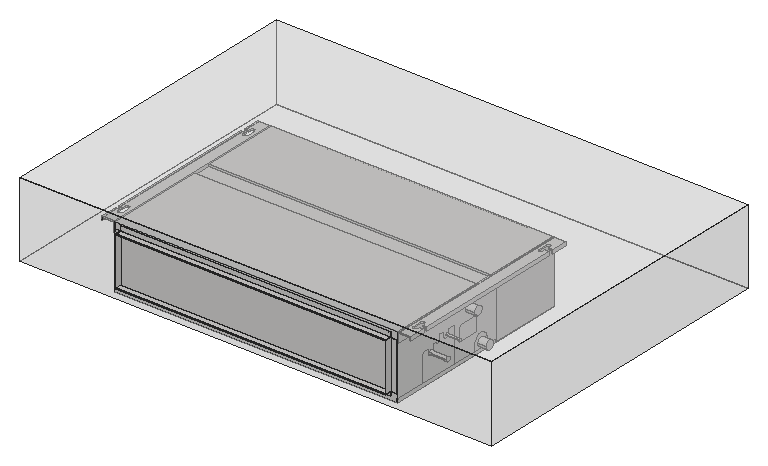
Revit family "outputfile", category 機械設備, Revit 2024
Family settings
  丸型コネクタ寸法 = 半径を使用
  パーツ タイプ = 標準
  OmniClass 番号 = 23.75.10.24.21.27.27
  OmniClass タイトル = Split System Air Conditioning Units
  作業面ベース = いいえ
  常に垂直 = はい
  ロード時にボイドで切り取り = いいえ
  注釈の向きを維持 = いいえ
  共有 = いいえ
  部屋計算ポイント = はい
Parameters (values of type "FXDQ50NDVM")
  書き出し IFC クラス(タイプ) = "IfcUnitaryEquipmentType"
  定義済み IFC タイプ(タイプ) = "AIRCONDITIONINGUNIT"
  ld_powersupply = Depth / 2  # 310.0 mm
  製造元 = "Daikin"
  モデル = "FXDQ50NDVM"
  r_Liquid Pipe Size = Liquid Pipe Size / 2  # 3.2 mm
  r_Gas Pipe Size = Gas Pipe Size / 2  # 6.35 mm
  r_Drain Pipe Size = Drain Pipe Size / 2  # 13.0 mm
  lw_powersupply = 50.0 mm  # constant formula
  lw_ductflange2 = 820.0 mm
  lw_Width = 860.0 mm
  lh_suctionflange [instance] = 100.0 mm  # constant formula
  ld_suctionflange [instance] = if(Rear Connection_Return Air, 190.0 mm, 100.0 mm)  # 190.0 mm
  angle_vertical_RA [instance] = if(Rear Connection_Return Air, 90.00°, 0.00°)  # 90.00°
  angle horizontal_RA [instance] = if(Rear Connection_Return Air, 180.00°, 270.00°)  # 180.00°
  Voltage_comment_60Hz = "220-240"
  Voltage_comment_50Hz = "220-240"
  Voltage_60Hz = 220 V
  Voltage_50Hz = 220 V
  Supply Air Direction [instance] = yes
  Rear Connection_Return Air [instance] = not(Bottom Connection_Return Air)  # yes
  RA_length [instance] = if(Rear Connection_Return Air, 190.0 mm, 100.0 mm)  # 190.0 mm
  Phase_60Hz = 1
  Phase_50Hz = 1
  Minimum External Static Pressure = 15.00 Pa
  Minimum Circuit Amps_60Hz = 1.0 A
  Minimum Circuit Amps_50Hz = 1.0 A
  Maximum Fuse Amps_60Hz = 16.0 A
  Maximum Fuse Amps_50Hz = 16.0 A
  Maximum External Static Pressure = 44.00 Pa
  Material_Casing = DAIKIN_GalvanizedSteel_Casing_indoorunit
  lw_liquidpipe = 46.0 mm  # constant formula
  lw_gaspipe = 57.0 mm  # constant formula
  lw_mountinghole = 940.0 mm
  lw_drainpipe = 33.0 mm  # constant formula
  lh_powersupply = 150.0 mm  # constant formula
  lh_liquidpipe = 90.0 mm  # constant formula
  lh_gaspipe = 113.0 mm  # constant formula
  lh_mountinghole = Height  # 200.0 mm
  lh_drainpipe = 50.0 mm  # constant formula
  lh_antena = 1.0 mm  # constant formula
  ld_liquidpipe = 193.0 mm  # constant formula
  ld_gaspipe = 130.0 mm  # constant formula
  ld_mountinghole = 500.0 mm  # constant formula
  ld_drainpipe = 280.0 mm  # constant formula
  ld_controlbox = 626.0 mm  # constant formula
  h*** = 0.0 mm  # constant formula
  d_dischargeflange = 21.2 mm  # constant formula
  Width = 900.0 mm
  Version = "ver.1.0"
  Unit Type = "Duct_Slim"
  Unit Mass Weight = 28.00 kg
  Unit Designation [instance] = ""
  Uniclass2015Version = "Products v1.30"
  Uniclass2015Title = "Variable refrigerant flow units"
  Uniclass2015Code = "Pr_70_65_03_94"
  Total Heating Capacity [instance] = 0.000 kW
  Total Cooling Capacity [instance] = 0.000 kW
  Sound Pressure Level_L speed (dBA) = 31
  Sound Pressure Level_H speed (dBA) = 33
  Series = "VRV Fan Coil Unit"
  Sensible Cooling Capacity [instance] = 0.000 kW
  SA Duct Size Width = 860.0 mm
  SA Duct Size Height = 153.0 mm
  Refrigerant Type = "R410A"
  RA Duct Size Width = 780.0 mm
  RA Duct Size Height = 160.0 mm
  Power Input (Heating) = 0.152 kW
  Power Input (Cooling) = 0.165 kW
  Option Accessory 3 [instance] = ""
  Option Accessory 2 [instance] = ""
  Option Accessory 1 [instance] = ""
  Nominal Heating Capacity = 6.300 kW
  Nominal Cooling Capacity = 5.600 kW
  Minimum Airflow = 600.00 m³/h
  Median Airflow = 0.00 m³/h
  Maximum Airflow = 660.00 m³/h
  Load Classification = HVAC
  Liquid Pipe Size = 6.4 mm
  Link_Nested Family [instance] = ""
  IfcVersion = ""
  IfcExportType = "AIRCONDITIONINGUNIT"
  IfcExportAs = "IfcUnitaryEquipmentType"
  Height = 200.0 mm
  Heating Entering Wet Bulb Temperature [instance] = 0.00 °C
  Heating Entering Dry Bulb Temperature [instance] = 0.00 °C
  Heating Ambient Wet Bulb Temperature [instance] = 0.00 °C
  Heating Ambient Dry Bulb Temperature [instance] = 0.00 °C
  Heat Exchanger Type = "Cross Fin Coil"
  Gas Pipe Size = 12.7 mm
  Frequency_60Hz = 60 Hz
  Frequency_50Hz = 50 Hz
  Fan Type = "Sirocco Fan"
  Fan Drive = "Direct Drive"
  FCU Tag No. [instance] = ""
  Drain Pipe Size = 26.0 mm
  Design Supply Airflow [instance] = 0.00 m³/h
  Design Return Airflow [instance] = 0.00 m³/h
  Design External Static Pressure [instance] = 0.00 Pa
  Depth = 620.0 mm
  既定の高さ = 0.0 mm
  Cooling Entering Wet Bulb Temperature [instance] = 0.00 °C
  Cooling Entering Dry Bulb Temperature [instance] = 0.00 °C
  Cooling Ambient Wet Bulb Temperature [instance] = 0.00 °C
  Cooling Ambient Dry Bulb Temperature [instance] = 0.00 °C
  Clearance visibility [instance] = yes
  Clearance Top = 20.0 mm
  Clearance Right = 300.0 mm
  Clearance Rear = 400.0 mm
  Clearance Left = 300.0 mm
  Clearance Front = 0.0 mm
  Clearance Bottom = 20.0 mm
  Bottom Connection_Return Air [instance] = no
  1111 = 32.652 mm
Reference planes
  plane 1 "Center (Front/Back)": y = 0
  plane 2: z = 0
  plane 3 "Center (Left/Right)": x = 0
  plane 4 "Back": y = 310
  plane 5 "Front": y = -310
  plane 6 "Left": x = -450
  plane 7 "Right": x = 450
  plane 8 "Top": z = 0
  plane 9 "Bottom": z = -200
  plane 10: x = -470
  plane 11: x = 470
  plane 12: y = 250
  plane 13: z = 0
  plane 14 "Clearance Left": x = -750
  plane 15 "Clearance Right": x = 750
  plane 16 "Clearance Rear": y = 710
  plane 17 "Clearance Front": y = -310
  plane 18 "Clearance Top": z = 20
  plane 19 "Clearance Bottom": z = -220
  plane 20: y = -250
  plane 21: z = -21
  plane 22: z = -97.5
  plane 23: x = -40
  plane 24: y = 120
  plane 25: z = -100
  plane 26: y = -180
  plane 27: z = -113
  plane 28: y = -117
  plane 29: z = -90
  plane 30: y = 20
  plane 31: z = -170
  plane 32: x = 507
  plane 33: x = 496
  plane 34: x = 480
  plane 35: x = 400
  plane 36: z = -150
  plane 37: y = -30
  plane 38: z = -50
  plane 39: x = 483
Forms (mm)
  Extrusion 1, solid, material "DAIKIN_GalvanizedSteel_Casing_indoorunit" <- "Material_Casing"
    sketch origin (0, 0, 0) x (1, 0, 0) y (0, 1, 0)
      loop
        line (-450, -310) -> (450, -310) -> (450, 310) -> (-450, 310) -> (-450, -310)
    from -200 to 0
  Extrusion 2, void
    sketch origin (0, 0, 1) x (1, 0, 0) y (0, 1, 0)
      loop
        line (-450, 61.5) -> (-450, 3.5) -> (450, 3.5) -> (450, 61.5) -> (-450, 61.5)
    from -1 to -7
  Extrusion 3, solid, material "DAIKIN_GalvanizedSteel_Casing_indoorunit" <- "Material_Casing", visible <- "Bottom Connection_Return Air"
    sketch origin (0, 0, 0) x (1, 0, 0) y (0, 0, 1)
      loop
        line (-430, -180) -> (350, -180) -> (350, -20) -> (-430, -20) -> (-430, -180)
    from -310 to -309
  Extrusion 4, solid, material "DAIKIN_GalvanizedSteel_Casing_indoorunit" <- "Material_Casing", visible <- "Rear Connection_Return Air"
    sketch origin (0, 0, 0) x (1, 0, 0) y (0, 1, 0)
      loop
        line (-430, 290) -> (-430, 130) -> (350, 130) -> (350, 290) -> (-430, 290)
    from -200 to -199
  Extrusion 5, solid, material "DAIKIN_GalvanizedSteel_Casing_indoorunit" <- "Material_Casing"
    sketch origin (450, 0, 0) x (0, 1, 0) y (0, 0, 1)
      loop
        circle (-180, -113) r 6.35
    from 0 to 57
  Extrusion 6, solid, material "DAIKIN_GalvanizedSteel_Casing_indoorunit" <- "Material_Casing"
    sketch origin (450, 0, 0) x (0, 1, 0) y (0, 0, 1)
      loop
        circle (-117, -90) r 3.2
    from 0 to 46
  Extrusion 7, solid, material "DAIKIN_GalvanizedSteel_Casing_indoorunit" <- "Material_Casing"
    sketch origin (450, 0, 0) x (0, 1, 0) y (0, 0, 1)
      loop
        circle (20, -170) r 13
    from 0 to 30
  Extrusion 8, solid, material "DAIKIN_GalvanizedSteel_Casing_indoorunit" <- "Material_Casing"
    sketch origin (450, 0, 0) x (0, 1, 0) y (0, 0, 1)
      loop
        line (-310, -200) -> (78.6, -200) -> (78.6, -193)
        arc (78.6, -193) -> (77.721, -190.879) -> (75.6, -190) r 3
        line (75.6, -190) -> (-310, -190) -> (-310, -200)
    from 0 to -1
  Extrusion 9, solid, material "DAIKIN_GalvanizedSteel_Casing_indoorunit" <- "Material_Casing"
    sketch origin (450, 0, 0) x (0, 1, 0) y (0, 0, 1)
      loop
        line (-211.008, -190) -> (-86.594, -190) -> (-86.594, -80) -> (-105, -80) -> (-105, -90)
        arc (-105, -90) -> (-117, -102) -> (-129, -90) r 12
        line (-129, -90) -> (-129, -80) -> (-140.087, -80) -> (-140.087, -103.199) -> (-158.085, -103.199) -> (-158.085, -95.501) -> (-166.014, -95.501) -> (-166.014, -112.698) -> (-168.672, -112.698)
        arc (-168.672, -112.698) -> (-179.849, -124.331) -> (-191.332, -113) r 11.332
        line (-191.332, -113) -> (-191.332, -103.001) -> (-211.008, -103.001) -> (-211.008, -190)
    from 0 to -1
  Extrusion 10, solid, material "DAIKIN_GalvanizedSteel_Casing_indoorunit" <- "Material_Casing"
    sketch origin (450, 0, 0) x (0, 1, 0) y (0, 0, 1)
      loop
        arc (44.5, -170) -> (20, -145.5) -> (-4.5, -170) r 24.5
        line (-4.5, -170) -> (-4.5, -190) -> (44.5, -190) -> (44.5, -170)
    from 0 to -1
  Extrusion 11, solid, material "DAIKIN_GalvanizedSteel_Casing_indoorunit" <- "Material_Casing"
    sketch origin (450, 0, 0) x (0, 1, 0) y (0, 0, 1)
      loop
        arc (86.6, -22) -> (84.479, -22.879) -> (83.6, -25) r 3
        line (83.6, -25) -> (83.6, -194.5)
        arc (83.6, -194.5) -> (84.479, -196.621) -> (86.6, -197.5) r 3
        line (86.6, -197.5) -> (307, -197.5)
        arc (307, -197.5) -> (309.121, -196.621) -> (310, -194.5) r 3
        line (310, -194.5) -> (310, -25)
        arc (310, -25) -> (309.121, -22.879) -> (307, -22) r 3
        line (307, -22) -> (86.6, -22)
    from 0 to -1
  Extrusion 12, solid, material "DAIKIN_GalvanizedSteel_Casing_indoorunit" <- "Material_Casing"
    sketch origin (450, 475, 0) x (0, 1, 0) y (0, 0, 1)
      loop
        circle (-505, -50) r 13
    from 0 to 33
  Extrusion 13, solid, material "DAIKIN_GalvanizedSteel_Casing_indoorunit" <- "Material_Casing"
    sketch origin (450, 0, 75) x (0, 1, 0) y (0, 0, 1)
      loop
        line (-62, -165) -> (-62, -211) -> (2, -211) -> (2, -165) -> (-62, -165)
    from 0 to -1
Cuts and joins
  Extrusion 2 cuts Extrusion 1
Dimensions and locks
  "Height": plane 8 "Top" to plane 9 "Bottom"
  equal spacing: plane 10, plane 3 "Center (Left/Right)", plane 11
  "lw_mountinghole": plane 10 to plane 11
  equal spacing: plane 6 "Left", plane 3 "Center (Left/Right)", plane 7 "Right"
  "Width": plane 6 "Left" to plane 7 "Right"
  "Clearance Right": plane 7 "Right" to plane 15 "Clearance Right"
  "Clearance Left": plane 14 "Clearance Left" to plane 6 "Left"
  "Clearance Rear": plane 16 "Clearance Rear" to plane 4 "Back"
  "Clearance Front": plane 5 "Front" to plane 17 "Clearance Front"
  "Clearance Top": plane 18 "Clearance Top" to plane 8 "Top"
  "Clearance Bottom": plane 9 "Bottom" to plane 19 "Clearance Bottom"
  "Depth": plane 4 "Back" to plane 5 "Front"
  equal spacing: plane 4 "Back", plane 1 "Center (Front/Back)", plane 5 "Front"
  locked: plane 20 to plane 5 "Front" at 60
  "ld_mountinghole": plane 12 to plane 20
  locked: plane 8 "Top" to plane 21 at 21
  locked: plane 23 to plane 3 "Center (Left/Right)" at 40
  "ld_suctionflange": plane 4 "Back" to plane 24
  "lh_suctionflange": plane 8 "Top" to plane 25
  "ld_gaspipe": plane 26 to plane 5 "Front"
  "lh_gaspipe": plane 8 "Top" to plane 27
  "ld_liquidpipe": plane 28 to plane 5 "Front"
  "lh_liquidpipe": plane 8 "Top" to plane 29
  locked: plane 30 to plane 5 "Front" at 330
  locked: plane 8 "Top" to plane 31 at 170
  "lw_gaspipe": plane 7 "Right" to plane 32
  "lw_liquidpipe": plane 7 "Right" to plane 33
  locked: plane 7 "Right" to plane 34 at 30
  "lw_powersupply": plane 35 to plane 7 "Right"
  "lh_powersupply": plane 8 "Top" to plane 36
  "ld_drainpipe": plane 37 to plane 5 "Front"
  "lh_drainpipe": plane 8 "Top" to plane 38
  "lw_drainpipe": plane 7 "Right" to plane 39
  equal spacing: Extrusion 13 sketch curve, plane 37, Extrusion 13 sketch curve
  locked: Extrusion 13 sketch curve to Extrusion 13 sketch curve at 64
  locked: Extrusion 13 sketch curve to Extrusion 13 sketch curve at 46
  locked: Extrusion 13 sketch curve to plane 9 "Bottom" at 64
  "r_Gas Pipe Size": radius of Extrusion 5 sketch curve
  "r_Liquid Pipe Size": radius of Extrusion 6 sketch curve
  radius of Extrusion 7 sketch curve = 13.0 mm
  "r_Drain Pipe Size": radius of Extrusion 12 sketch curve
  aligned and locked: level to plane 2
  aligned and locked: Extrusion 1 to plane 9 "Bottom"
  aligned and locked: plane 8 "Top" to Extrusion 1
  aligned and locked: plane 11 to nested 2
  aligned and locked: plane 10 to nested 3
  aligned and locked: plane 10 to nested 4
  aligned and locked: plane 8 "Top" to Extrusion 2
  aligned and locked: plane 9 "Bottom" to Extrusion 4  (x2)
  aligned and locked: plane 7 "Right" to cut or joined group of Extrusion 1, Extrusion 2  (x2)
  aligned and locked: plane 3 "Center (Left/Right)" to nested 9
  aligned and locked: plane 6 "Left" to nested 7
  aligned and locked: plane 8 "Top" to nested 9
  aligned and locked: plane 11 to nested 1
  aligned and locked: nested 6 to plane 1 "Center (Front/Back)"
  aligned and locked: plane 3 "Center (Left/Right)" to nested 6
  aligned and locked: level to plane 8 "Top"
  aligned and locked: plane 1 "Center (Front/Back)" to nested 9
  aligned and locked: plane 5 "Front" to nested 10
  aligned and locked: Extrusion 1 sketch curve to plane 5 "Front"
  aligned and locked: plane 21 to nested 10
  aligned and locked: nested 5 to plane 5 "Front"
  aligned and locked: plane 3 "Center (Left/Right)" to nested 5
  aligned and locked: plane 22 to nested 5
  aligned and locked: Extrusion 2 sketch curve to plane 6 "Left"
  aligned and locked: plane 7 "Right" to Extrusion 2 sketch curve
  aligned and locked: nested 11 to plane 23
  aligned and locked: nested 11 to plane 24
  aligned and locked: plane 27 to Extrusion 5 sketch curve
  aligned and locked: plane 26 to Extrusion 5 sketch curve
  aligned and locked: plane 28 to Extrusion 6 sketch curve
  aligned and locked: plane 29 to Extrusion 6 sketch curve
  aligned and locked: plane 31 to Extrusion 7 sketch curve
  aligned and locked: plane 30 to Extrusion 7 sketch curve
  aligned and locked: plane 26 to nested 12
  aligned and locked: nested 12 to plane 27
  aligned and locked: plane 32 to Extrusion 5
  aligned and locked: plane 32 to nested 12
  aligned and locked: plane 33 to Extrusion 6
  aligned and locked: plane 28 to nested 13
  aligned and locked: nested 13 to plane 29
  aligned and locked: plane 33 to nested 13
  aligned and locked: plane 34 to Extrusion 7
  aligned and locked: plane 30 to nested 14
  aligned and locked: nested 14 to plane 31
  aligned and locked: plane 34 to nested 14
  aligned and locked: Extrusion 8 sketch curve to plane 9 "Bottom"
  aligned and locked: Extrusion 8 sketch curve to plane 5 "Front"
  aligned and locked: plane 14 "Clearance Left" to nested 15
  aligned and locked: plane 15 "Clearance Right" to nested 15
  aligned and locked: plane 16 "Clearance Rear" to nested 15
  aligned and locked: nested 15 to plane 17 "Clearance Front"
  aligned and locked: nested 15 to plane 18 "Clearance Top"
  aligned and locked: nested 15 to plane 19 "Clearance Bottom"
  aligned and locked: nested 16 to plane 35
  aligned and locked: nested 16 to plane 36
  aligned and locked: plane 4 "Back" to nested 16
  aligned and locked: plane 37 to Extrusion 12 sketch curve
  aligned and locked: plane 38 to Extrusion 12 sketch curve
  aligned and locked: plane 39 to Extrusion 12
  aligned and locked: Extrusion 4 sketch curve to nested 8  (x4)
  aligned and locked: Extrusion 3 sketch curve to nested 7  (x4)
Automatic sketch dimensions
  Extrusion 1 sketch curve to plane 4 "Back" = 0.0 mm
  Extrusion 1 sketch curve to plane 6 "Left" = 0.0 mm
  Extrusion 1 sketch curve to plane 7 "Right" = 0.0 mm
  Extrusion 2 sketch curve to plane 1 "Center (Front/Back)" = 3.5 mm
  plane 30 to Extrusion 2 sketch curve = 41.5 mm
  plane 9 "Bottom" to Extrusion 8 sketch curve = 7.0 mm
  Extrusion 8 sketch curve to plane 24 = 44.4 mm
  Extrusion 8 sketch curve to Extrusion 8 sketch curve = 3.0 mm
  Extrusion 9 sketch curve to plane 27 = 0.0 mm
  Extrusion 9 sketch curve to plane 26 = 0.0 mm
  Extrusion 9 sketch curve to plane 29 = 0.0 mm
  Extrusion 9 sketch curve to plane 28 = 0.0 mm
  Extrusion 9 sketch curve to Extrusion 9 sketch curve = 11.332 mm
  plane 9 "Bottom" to Extrusion 9 sketch curve = 10.0 mm
  Extrusion 9 sketch curve to plane 26 = 31.008 mm
  plane 27 to Extrusion 9 sketch curve = 0.302 mm
  Extrusion 9 sketch curve to Extrusion 9 sketch curve = 2.658 mm
  plane 22 to Extrusion 9 sketch curve = 1.999 mm
  Extrusion 9 sketch curve to Extrusion 9 sketch curve = 7.929 mm
  Extrusion 9 sketch curve to plane 25 = 3.199 mm
  Extrusion 9 sketch curve to Extrusion 9 sketch curve = 17.998 mm
  Extrusion 9 sketch curve to Extrusion 9 sketch curve = 11.087 mm
  plane 28 to Extrusion 9 sketch curve = 30.406 mm
  Extrusion 9 sketch curve to plane 25 = 3.001 mm
  plane 29 to Extrusion 9 sketch curve = 10.0 mm  (x2)
  Extrusion 10 sketch curve to plane 31 = 0.0 mm
  Extrusion 10 sketch curve to plane 30 = 0.0 mm
  plane 1 "Center (Front/Back)" to Extrusion 10 sketch curve = 4.5 mm
  plane 9 "Bottom" to Extrusion 10 sketch curve = 10.0 mm
  Extrusion 11 sketch curve to plane 4 "Back" = 0.0 mm
  Extrusion 11 sketch curve to Extrusion 11 sketch curve = 3.0 mm  (x2)
  Extrusion 11 sketch curve to plane 21 = 1.0 mm
  Extrusion 11 sketch curve to plane 4 "Back" = 3.0 mm
  Extrusion 11 sketch curve to plane 21 = 4.0 mm
  Extrusion 11 sketch curve to plane 24 = 33.4 mm
  plane 9 "Bottom" to Extrusion 11 sketch curve = 5.5 mm
Nested families
  nested 1: "daikin_mountinghole" at (470, 250, -200), l_antenna <- "lh_antena", Link_Nested Family <- "Link_Nested Family", h_mountinghole <- "lh_mountinghole", type "daikin_mountinghole"
    with show yes, l_antenna 1.0 mm, h_mountinghole 200.0 mm, Link_Nested Family ""
  nested 2: "daikin_mountinghole" at (470, -250, -200), Link_Nested Family <- "Link_Nested Family", l_antenna <- "lh_antena", h_mountinghole <- "lh_mountinghole", type "daikin_mountinghole"
    with show yes, l_antenna 1.0 mm, h_mountinghole 200.0 mm, Link_Nested Family ""
  nested 3: "daikin_mountinghole" at (-470, -250, -200), l_antenna <- "lh_antena", Link_Nested Family <- "Link_Nested Family", h_mountinghole <- "lh_mountinghole", type "daikin_mountinghole"
    with show yes, l_antenna 1.0 mm, h_mountinghole 200.0 mm, Link_Nested Family ""
  nested 4: "daikin_mountinghole" at (-470, 250, -200), l_antenna <- "lh_antena", Link_Nested Family <- "Link_Nested Family", h_mountinghole <- "lh_mountinghole", type "daikin_mountinghole"
    with show yes, l_antenna 1.0 mm, h_mountinghole 200.0 mm, Link_Nested Family ""
  nested 5: "daikin_connector_rotate2" at (0, -310, -97.5), length <- "d_dischargeflange", type "daikin_connector_rotate2"
    with radius 10.0 mm, length 21.2 mm, angle_vertical 90.00°, show_face no
  nested 6: "daikin_△_symbolicline" at (-75, -129.904, 200) x (-0.5, 0.866, 0) z (0, 0, 1), built-in parameter 1001364 <- "Height", visible <- "Supply Air Direction", type "daikin_△_symbolicline"
    with length 300.0 mm
  nested 7: "daikin_ductflange_FXDQ-NDVM_1" at (-40, 310, -100), visible <- "Rear Connection_Return Air", material <- "Material_Casing", width <- "lw_ductflange2", type "daikin_ductflange_FXDQ-NDVM_1"
    with width 820.0 mm, material DAIKIN_GalvanizedSteel_Casing_indoorunit, height 180.0 mm, depth 21.2 mm
  nested 8: "daikin_ductflange_FXDQ-NDVM_1" at (-40, 210, -200) x (1, 0, 0) z (0, 1, 0), visible <- "Bottom Connection_Return Air", material <- "Material_Casing", width <- "lw_ductflange2", type "daikin_ductflange_FXDQ-NDVM_1"
    with width 820.0 mm, material DAIKIN_GalvanizedSteel_Casing_indoorunit, height 180.0 mm, depth 21.2 mm
  nested 9: "daikin_hangerfixture_FXDQ-NDVM" at (0, 0, 0), type "daikin_hangerfixture_FXDQ-NDVM"
    with width 900.0 mm
  nested 10: "daikin_ductflange_FXDQ-NDVM" at (0, 3.5, -364.201), width <- "lw_Width", material <- "Material_Casing", type "daikin_ductflange_FXDQ-NDVM"
    with width 860.0 mm, material DAIKIN_GalvanizedSteel_Casing_indoorunit, height 155.0 mm, depth 21.2 mm
  nested 11: "daikin_connector_rotate3" at (-40, 120, -100), length <- "RA_length", angle_vertical <- "angle_vertical_RA", angle_horizontal <- "angle horizontal_RA", type "daikin_connector_rotate3"
    with show no, radius 10.0 mm, length 190.0 mm, angle_vertical 90.00°, angle_horizontal 180.00°
  nested 12: "daikin_connector_rotate2" at (450, -180, -113) x (0, 1, 0) z (0, 0, 1), length <- "lw_gaspipe", radius <- "r_Gas Pipe Size", type "daikin_connector_rotate2"
    with radius 6.35 mm, length 57.0 mm, angle_vertical 90.00°, show_face no
  nested 13: "daikin_connector_rotate2" at (450, -117, -90) x (0, 1, 0) z (0, 0, 1), radius <- "r_Liquid Pipe Size", length <- "lw_liquidpipe", type "daikin_connector_rotate2"
    with radius 3.2 mm, length 46.0 mm, angle_vertical 90.00°, show_face no
  nested 14: "daikin_connector_rotate2" at (447, 20, -170) x (0, 1, 0) z (0, 0, 1), radius <- "r_Drain Pipe Size", length <- "lw_drainpipe", type "daikin_connector_rotate2"
    with radius 13.0 mm, length 33.0 mm, angle_vertical 90.00°, show_face no
  nested 15: "daikin_clearancespace" at (0, 200, -99.881), visible <- "Clearance visibility", Link_Nested Family <- "Link_Nested Family", show <- "Clearance visibility", type "daikin_clearancespace"
    with width 1500.0 mm, show yes, height 240.0 mm, depth 1020.0 mm, Link_Nested Family ""
  nested 16: "daikin_connector_rotate2" at (400, 0, -150) x (-1, 0, 0) z (0, 0, 1), length <- "ld_powersupply", type "daikin_connector_rotate2"
    with radius 10.0 mm, length 310.0 mm, angle_vertical 90.00°, show_face no
Connectors
  hvac at (0, -331.2, -97.5), driven by "SA Duct Size Height", driven by "SA Duct Size Width"
    settings: on nested 5, index 1, duct flow 0.00 m³/h, flow factor 0, pres drop 0.00 Pa, loss coef 0, conn angle 0.00°, conn width 860.0 mm, conn height 153.0 mm, conn diameter 609.6 mm, duct sys type 1, conn prof type 1, flow config 0, flow direction 2, loss method 4, conn ref index -1, conn util no, is conn primary yes, conn desc "SA Duct"
  hvac at (-40, 310, -100), driven by "RA Duct Size Height", driven by "RA Duct Size Width"
    settings: on nested 11, index 2, duct flow 0.00 m³/h, flow factor 0, pres drop 0.00 Pa, loss coef 0, conn angle 0.00°, conn width 780.0 mm, conn height 160.0 mm, conn diameter 609.6 mm, duct sys type 2, conn prof type 1, flow config 0, flow direction 1, loss method 4, conn ref index -1, conn util no, is conn primary no, conn desc "RA Duct"
  piping at (507, -180, -113), diameter 12.7, driven by "r_Gas Pipe Size"
    settings: on nested 12, index 3, connector inside diameter 609.6 mm, connector length 0.0 mm, flow factor 0, pipe flow 0.00 m³/h, pressure drop 0.0 Pa, fitting loss kfactor 0, connector angle 0.00°, fixture units 0, engagement length 0.0 mm, angle of deflection 0.00°, flow configuration 1, flow direction 2, fitting loss method 0, system type 29, joint type 0, gender type 0, connector reference index -1, connector utility 0, adjustable connector no, is connector primary yes, connector description "Refrigerant Gas Piping"
  piping at (496, -117, -90), diameter 6.4, driven by "r_Liquid Pipe Size"
    settings: on nested 13, index 4, connector inside diameter 609.6 mm, connector length 0.0 mm, flow factor 0, pipe flow 0.00 m³/h, pressure drop 0.0 Pa, fitting loss kfactor 0, connector angle 0.00°, fixture units 0, engagement length 0.0 mm, angle of deflection 0.00°, flow configuration 1, flow direction 1, fitting loss method 0, system type 29, joint type 0, gender type 0, connector reference index -1, connector utility 0, adjustable connector no, is connector primary no, connector description "Refrigerant Liquid Piping"
  electrical at (400, 310, -150), driven by "Load Classification"
    settings: on nested 16, index 6, voltage 0 V, apparent load 0 VA, apparent load phase1 0 VA, apparent load phase2 0 VA, apparent load phase3 0 VA, power factor 1, load classification "HVAC", number of poles 1, system type 30, power factor state 1, is connector primary yes, connector utility no, sub classification motor no, connector description "Power Supply"
  piping at (483, -30, -50), diameter 26, driven by "r_Drain Pipe Size"
    settings: on Extrusion 12, index 7, connector inside diameter 609.6 mm, connector length 0.0 mm, flow factor 0, pipe flow 0.00 m³/h, pressure drop 0.0 Pa, fitting loss kfactor 0, connector angle 0.00°, fixture units 0, engagement length 0.0 mm, angle of deflection 0.00°, flow configuration 1, flow direction 2, fitting loss method 4, system type 16, joint type 0, gender type 0, connector reference index -1, connector utility 0, adjustable connector no, is connector primary no, connector description "Condensate Drain Piping"
Definition of nested family "daikin_ductflange_FXDQ-NDVM_1"
  Parameters (values of type "daikin_ductflange_CDKM-PVM_1")
    width [instance] = 620.0 mm
    material [instance] = none
    height [instance] = 180.0 mm
    depth [instance] = 21.2 mm
    Default Elevation = 0.0 mm
  Reference planes
    plane 1 "Center (Front/Back)": y = 0
    plane 2: z = 0
    plane 3 "Center (Left/Right)": x = 0
    plane 4: x = -310
    plane 5: x = 310
    plane 6: z = 90
    plane 7: z = -90
    plane 8: z = 100
    plane 9: z = -100
    plane 10: x = -309
    plane 11: x = 309
  Forms (mm)
    Extrusion 1, solid, material <- "material"
      sketch origin (0, 0, 0) x (1, 0, 0) y (0, 0, 1)
        loop
          line (-290, 80) -> (-290, -80) -> (290, -80) -> (290, 80) -> (-290, 80)
        loop
          line (-309, -99) -> (309, -99) -> (309, 99) -> (-309, 99) -> (-309, -99)
      from 0 to 1
  Dimensions and locks
    equal spacing: plane 5, plane 3 "Center (Left/Right)", plane 4, locked at 310 each
    "width": plane 5 to plane 4
    equal spacing: plane 6, level, plane 7, locked at 90 each
    "height": plane 6 to plane 7
    equal spacing: plane 8, level, plane 9, locked at 100 each
    locked: plane 8 to plane 9 at 200
    plane 10 to plane 4 = 1.0 mm
    locked: plane 5 to plane 11 at 1
    locked: Extrusion 1 sketch curve to Extrusion 1 sketch curve at 19  (x4)
    locked: plane 8 to Extrusion 1 sketch curve at 1
    locked: Extrusion 1 sketch curve to plane 9 at 1
    aligned and locked: level to plane 2
  Automatic sketch dimensions
    plane 4 to Extrusion 1 sketch curve = 1.0 mm
    Extrusion 1 sketch curve to plane 5 = 1.0 mm
Definition of nested family "daikin_hangerfixture_FXDQ-NDVM"
  Parameters (values of type "daikin_hangerfixture_CDKS-EAVMA")
    width = 700.0 mm
    material = none
    height = 30.0 mm
    depth = 618.0 mm
    Default Elevation = 0.0 mm
  Reference planes
    plane 1 "Center (Front/Back)": y = 0
    plane 2: z = 0
    plane 3 "Center (Left/Right)": x = 0
    plane 4: x = 350
    plane 5: y = 309
    plane 6: y = -309
    plane 7: x = -350
    plane 8: z = -30
  Forms (mm)
    Extrusion 1, solid, material <- "material"
      sketch origin (0, 0, 0) x (1, 0, 0) y (0, 0, 1)
        loop
          line (350, 0) -> (350, -30) -> (352.3, -30) -> (352.3, -2.3) -> (387.7, -2.3) -> (387.7, -10) -> (390, -10) -> (390, 0) -> (350, 0)
      from -309 to 309
    Extrusion 2, void
      sketch origin (0, 0, 0) x (0, 1, 0) y (0, 0, 1)
        loop
          line (309, -30) -> (309, -17.979) -> (87.935, -17.979) -> (75.914, -30) -> (309, -30)
      from 0 to 450
    Extrusion 3, void
      sketch origin (0, 0, 0) x (1, 0, 0) y (0, 1, 0)
        loop
          line (390, -243.5) -> (377, -243.5) -> (377, -237)
          arc (377, -237) -> (370, -230) -> (363, -237) r 7
          line (363, -237) -> (363, -263)
          arc (363, -263) -> (370, -270) -> (377, -263) r 7
          line (377, -263) -> (377, -256.5) -> (390, -256.5) -> (390, -243.5)
        loop
          line (390, 243.5) -> (390, 256.5) -> (377, 256.5) -> (377, 263)
          arc (377, 263) -> (370, 270) -> (363, 263) r 7
          line (363, 263) -> (363, 237)
          arc (363, 237) -> (370, 230) -> (377, 237) r 7
          line (377, 237) -> (377, 243.5) -> (390, 243.5)
      from -254.96 to 618
    Extrusion 4, solid, material <- "material"
      sketch origin (0, 0, 0) x (-1, 0, 0) y (0, 0, -1)
        loop
          line (350, 0) -> (390, 0) -> (390, 10) -> (387.7, 10) -> (387.7, 2.3) -> (352.3, 2.3) -> (352.3, 30) -> (350, 30) -> (350, 0)
      from -309 to 309
    Extrusion 5, void
      sketch origin (0, 0, 0) x (-1, 0, 0) y (0, -1, 0)
        loop
          line (390, 243.5) -> (390, 256.5) -> (377, 256.5) -> (377, 263)
          arc (377, 263) -> (370, 270) -> (363, 263) r 7
          line (363, 263) -> (363, 237)
          arc (363, 237) -> (370, 230) -> (377, 237) r 7
          line (377, 237) -> (377, 243.5) -> (390, 243.5)
        loop
          line (390, -243.5) -> (377, -243.5) -> (377, -237)
          arc (377, -237) -> (370, -230) -> (363, -237) r 7
          line (363, -237) -> (363, -263)
          arc (363, -263) -> (370, -270) -> (377, -263) r 7
          line (377, -263) -> (377, -256.5) -> (390, -256.5) -> (390, -243.5)
      from -254.96 to 618
  Cuts and joins
    Extrusion 2, Extrusion 3, Extrusion 5 cuts Extrusion 1
    Extrusion 5 cuts Extrusion 4
  Dimensions and locks
    equal spacing: plane 5, plane 1 "Center (Front/Back)", plane 6
    "depth": plane 5 to plane 6
    plane 6 to plane 1 "Center (Front/Back)" to plane 5 = 309.0 mm, 309.0 mm
    equal spacing: plane 4, plane 3 "Center (Left/Right)", plane 7
    "width": plane 4 to plane 7
    "height": level to plane 8
    aligned and locked: level to plane 2
    aligned and locked: plane 5 to Extrusion 1
    aligned and locked: Extrusion 1 to plane 6
    aligned and locked: Extrusion 1 to plane 4
    aligned and locked: plane 5 to cut or joined group of Extrusion 1, Extrusion 2, Extrusion 3, Extrusion 5
    aligned and locked: cut or joined group of Extrusion 1, Extrusion 2, Extrusion 3, Extrusion 5 to plane 6
    aligned and locked: level to cut or joined group of Extrusion 1, Extrusion 2, Extrusion 3, Extrusion 5
    aligned and locked: cut or joined group of Extrusion 1, Extrusion 2, Extrusion 3, Extrusion 5 to plane 8
    aligned and locked: plane 5 to cut or joined group of Extrusion 4, Extrusion 5
    aligned and locked: cut or joined group of Extrusion 4, Extrusion 5 to plane 6
  Automatic sketch dimensions
    Extrusion 1 sketch curve to plane 4 = 0.0 mm
    Extrusion 1 sketch curve to plane 8 = 0.0 mm
    Extrusion 1 sketch curve to level = 0.0 mm
    plane 4 to Extrusion 1 sketch curve = 2.3 mm
    Extrusion 1 sketch curve to level = 2.3 mm
    Extrusion 1 sketch curve to Extrusion 1 sketch curve = 35.4 mm
    Extrusion 1 sketch curve to Extrusion 1 sketch curve = 2.3 mm
    Extrusion 1 sketch curve to Extrusion 1 sketch curve = 7.7 mm
    Extrusion 2 sketch curve to plane 8 = 0.0 mm
    Extrusion 2 sketch curve to plane 5 = 0.0 mm
    plane 8 to Extrusion 2 sketch curve = 12.021 mm
    Extrusion 2 sketch curve to plane 1 "Center (Front/Back)" = 87.935 mm
    Extrusion 2 sketch curve to Extrusion 2 sketch curve = 12.021 mm
    plane 4 to Extrusion 3 sketch curve = 13.0 mm  (x2)
    Extrusion 3 sketch curve to Extrusion 3 sketch curve = 7.0 mm  (x4)
    Extrusion 3 sketch curve to Extrusion 3 sketch curve = 13.0 mm  (x4)
    plane 6 to Extrusion 3 sketch curve = 46.0 mm
    Extrusion 3 sketch curve to Extrusion 3 sketch curve = 6.5 mm  (x4)
    Extrusion 3 sketch curve to plane 5 = 72.0 mm
    Extrusion 4 sketch curve to plane 7 = 0.0 mm
    Extrusion 4 sketch curve to plane 8 = 0.0 mm
    Extrusion 4 sketch curve to level = 0.0 mm
    Extrusion 4 sketch curve to plane 7 = 2.3 mm
    Extrusion 4 sketch curve to level = 2.3 mm
    Extrusion 4 sketch curve to Extrusion 4 sketch curve = 35.4 mm
    Extrusion 4 sketch curve to Extrusion 4 sketch curve = 2.3 mm
    Extrusion 4 sketch curve to Extrusion 4 sketch curve = 7.7 mm
    Extrusion 5 sketch curve to plane 7 = 13.0 mm  (x2)
    Extrusion 5 sketch curve to Extrusion 5 sketch curve = 7.0 mm  (x4)
    Extrusion 5 sketch curve to Extrusion 5 sketch curve = 13.0 mm  (x4)
    Extrusion 5 sketch curve to plane 5 = 46.0 mm
    Extrusion 5 sketch curve to Extrusion 5 sketch curve = 6.5 mm  (x4)
    plane 6 to Extrusion 5 sketch curve = 72.0 mm
Definition of nested family "daikin_ductflange_FXDQ-NDVM"
  Parameters (values of type "daikin_ductflange_CDKM-PVM")
    width [instance] = 660.0 mm
    material [instance] = none
    height [instance] = 155.0 mm
    depth [instance] = 21.2 mm
    Default Elevation = 0.0 mm
  Reference planes
    plane 1 "Center (Front/Back)": y = 0
    plane 2: z = 189.201
    plane 3 "Center (Left/Right)": x = 0
    plane 4: y = -313.5
    plane 5: x = -330
    plane 6: x = 330
    plane 7: y = -334.7
    plane 8: z = 344.201
    plane 9: z = 266.701
    plane 10: z = 343.201
    plane 11: z = 190.201
  Forms (mm)
    Extrusion 1, solid, material <- "material"
      sketch origin (0, 0, 189.201) x (1, 0, 0) y (0, 1, 0)
        loop
          line (-330, -334.7) -> (-330, -313.5) -> (-349, -313.5) -> (-349, -314.5) -> (-331, -314.5) -> (-331, -334.7) -> (-330, -334.7)
        loop
          line (330, -334.7) -> (331, -334.7) -> (331, -314.5) -> (349, -314.5) -> (349, -313.5) -> (330, -313.5) -> (330, -334.7)
      from 1 to 154
    Extrusion 2, solid, material <- "material"
      sketch origin (0, 0, 0) x (0, 1, 0) y (0, 0, 1)
        loop
          line (-313.5, 343.201) -> (-313.5, 358.201) -> (-314.5, 358.201) -> (-314.5, 344.201) -> (-334.7, 344.201) -> (-334.7, 343.201) -> (-313.5, 343.201)
        loop
          line (-313.5, 190.201) -> (-334.7, 190.201) -> (-334.7, 189.201) -> (-314.5, 189.201) -> (-314.5, 175.201) -> (-313.5, 175.201) -> (-313.5, 190.201)
      from -330 to 330
  Dimensions and locks
    plane 4 to plane 1 "Center (Front/Back)" = 313.5 mm
    "depth": plane 7 to plane 4
    equal spacing: plane 8, plane 9, level
    "height": plane 8 to level
    equal spacing: plane 6, plane 3 "Center (Left/Right)", plane 5
    "width": plane 6 to plane 5
    locked: plane 8 to plane 10 at 1
    locked: plane 11 to level at 1
    locked: Extrusion 1 to Extrusion 2 sketch curve at 1
    locked: Extrusion 2 sketch curve to Extrusion 1 at 1
    plane 10 to plane 11 = 153.0 mm
    aligned and locked: level to plane 2
    aligned and locked: Extrusion 2 to plane 5
    aligned and locked: Extrusion 2 to plane 11
    aligned and locked: Extrusion 2 to plane 10
    aligned and locked: plane 6 to Extrusion 2
    aligned and locked: plane 5 to Extrusion 2  (x2)
    aligned and locked: plane 5 to Extrusion 1  (x2)
    aligned and locked: Extrusion 1 to plane 6
    aligned and locked: plane 6 to Extrusion 1
    aligned and locked: Extrusion 1 to plane 10
  Automatic sketch dimensions
    Extrusion 2 sketch curve to plane 7 = 0.0 mm  (x2)
    Extrusion 2 sketch curve to plane 4 = 0.0 mm  (x2)
    Extrusion 2 sketch curve to plane 11 = 0.0 mm
    Extrusion 2 sketch curve to plane 10 = 0.0 mm
    Extrusion 2 sketch curve to plane 4 = 1.0 mm  (x2)
    Extrusion 2 sketch curve to level = 14.0 mm
    plane 8 to Extrusion 2 sketch curve = 14.0 mm
    Extrusion 1 sketch curve to plane 4 = 0.0 mm  (x2)
    Extrusion 1 sketch curve to plane 7 = 0.0 mm  (x2)
    Extrusion 1 sketch curve to plane 5 = 0.0 mm
    Extrusion 1 sketch curve to plane 6 = 0.0 mm
    Extrusion 1 sketch curve to plane 5 = 1.0 mm
    Extrusion 1 sketch curve to Extrusion 1 sketch curve = 18.0 mm  (x2)
    Extrusion 1 sketch curve to Extrusion 1 sketch curve = 1.0 mm
    Extrusion 1 sketch curve to plane 4 = 1.0 mm  (x2)
Definition of nested family "daikin_clearancespace"
  Parameters (values of type "daikin_clearancespace")
    Description = "daikin_clearancespace"
    width [instance] = 1823.963 mm
    show [instance] = yes
    material = none
    height [instance] = 1359.762 mm
    depth [instance] = 880.0 mm
    Default Elevation = 0.0 mm
    Link_Nested Family [instance] = ""
  Reference planes
    plane 1 "Center (Front/Back)": y = 0
    plane 2 "Center (Elevation)": z = -0.119
    plane 3 "Center (Left/Right)": x = 0
    plane 4: y = 440
    plane 5: y = -440
    plane 6 "Right": x = 911.982
    plane 7 "Left": x = -911.982
    plane 8 "Top": z = 679.762
    plane 9 "Bottom": z = -680
  Forms (mm)
    Extrusion 1, solid, material <- "material", visible <- "show"
      sketch origin (0, 0, 0) x (1, 0, 0) y (0, 1, 0)
        loop
          line (-911.982, 440) -> (-911.982, -440) -> (911.982, -440) -> (911.982, 440) -> (-911.982, 440)
      from -680 to 679.762
  Lines and regions (mm)
    symbolic lines, visible <- "show"
      curve 1: line (911.982, 440, 0) -> (-911.982, 440, 0)
      curve 2: line (-911.982, 440, 0) -> (-911.982, -440, 0)
      curve 3: line (-911.982, -440, 0) -> (911.982, -440, 0)
      curve 4: line (911.982, -440, 0) -> (911.982, 440, 0)
      curve 5: line (911.982, 0, 679.762) -> (-911.982, 0, 679.762)
      curve 6: line (911.982, 0, -680) -> (911.982, 0, 679.762)
      curve 7: line (-911.982, 0, -680) -> (911.982, 0, -680)
      curve 8: line (-911.982, 0, 679.762) -> (-911.982, 0, -680)
      curve 9: line (0, 440, 679.762) -> (0, -440, 679.762)
      curve 10: line (0, -440, 679.762) -> (0, -440, -680)
      curve 11: line (0, 440, -680) -> (0, 440, 679.762)
      curve 12: line (0, -440, -680) -> (0, 440, -680)
  Dimensions and locks
    "width": plane 7 "Left" to plane 6 "Right"
    "depth": plane 4 to plane 5
    "height": plane 8 "Top" to plane 9 "Bottom"
    equal spacing: plane 7 "Left", plane 3 "Center (Left/Right)", plane 6 "Right"
    equal spacing: plane 4, plane 1 "Center (Front/Back)", plane 5
    equal spacing: plane 8 "Top", plane 2 "Center (Elevation)", plane 9 "Bottom"
    aligned and locked: level to plane 2 "Center (Elevation)"
    aligned and locked: Extrusion 1 sketch curve to plane 4
    aligned and locked: plane 7 "Left" to Extrusion 1 sketch curve
    aligned and locked: Extrusion 1 sketch curve to plane 5
    aligned and locked: Extrusion 1 sketch curve to plane 6 "Right"
    aligned and locked: plane 8 "Top" to Extrusion 1
    aligned and locked: curve 1 to Extrusion 1
    aligned and locked: curve 2 to Extrusion 1
    aligned and locked: curve 3 to Extrusion 1
    aligned and locked: curve 4 to Extrusion 1
    aligned and locked: curve 5 to Extrusion 1
    aligned and locked: curve 6 to Extrusion 1
    aligned and locked: curve 7 to Extrusion 1
    aligned and locked: curve 8 to Extrusion 1
    aligned and locked: curve 9 to Extrusion 1
    aligned and locked: curve 10 to Extrusion 1
    aligned and locked: curve 11 to Extrusion 1
    aligned and locked: curve 12 to Extrusion 1
    aligned and locked: Extrusion 1 to plane 9 "Bottom"
Definition of nested family "daikin_mountinghole"
  Parameters (values of type "daikin_mountinghole")
    Default Elevation = 1219.2 mm
    Type Comments = "mountinghole"
    show [instance] = yes
    material = none
    l_centerline = 100.0 mm
    l_antenna [instance] = 100.0 mm
    h_mountinghole [instance] = 0.0 mm
    d_circle = 30.0 mm
    Link_Nested Family [instance] = ""
  Reference planes
    plane 1 "Center (Front/Back)": y = 0
    plane 2: z = 0
    plane 3 "Center (Left/Right)": x = 0
    plane 4: y = 50
    plane 5: x = -50
    plane 6: x = 50
    plane 7: y = -50
    plane 8 "h_mountinghole": z = 0
    plane 9: z = 100
  Lines and regions (mm)
    model lines, detail levels fine
      curve 1: circle (0, 0, 0) r 15 normal (0, 0, 1)
      curve 2: line (-50, 0, 0) -> (50, 0, 0)
      curve 3: line (0, 50, 0) -> (0, -50, 0)
    symbolic lines, detail levels fine
      curve 4: circle (0, 0, 0) r 15 normal (0, 0, 1)
      curve 5: line (-50, 0, 0) -> (50, 0, 0)
      curve 6: line (0, 50, 0) -> (0, -50, 0)
    model lines
      curve 7: line (0, 0, 100) -> (0, 0, 0)
  Dimensions and locks
    equal spacing: plane 4, plane 1 "Center (Front/Back)", plane 7
    "l_centerline": plane 4 to plane 7
    equal spacing: plane 5, plane 3 "Center (Left/Right)", plane 6
    "l_centerline": plane 5 to plane 6
    "l_antenna": plane 9 to plane 8 "h_mountinghole"
    "h_mountinghole": plane 8 "h_mountinghole" to plane 2
    "d_circle": diameter of curve 1
    "d_circle": diameter of curve 4
    aligned and locked: level to plane 2
    aligned and locked: plane 1 "Center (Front/Back)" to curve 1
    aligned and locked: plane 3 "Center (Left/Right)" to curve 1
    aligned and locked: plane 1 "Center (Front/Back)" to curve 2
    aligned and locked: curve 3 to plane 3 "Center (Left/Right)"
    aligned and locked: plane 6 to curve 2
    aligned and locked: plane 5 to curve 2
    aligned and locked: plane 4 to curve 3
    aligned and locked: plane 7 to curve 3
    aligned and locked: plane 1 "Center (Front/Back)" to curve 4
    aligned and locked: plane 3 "Center (Left/Right)" to curve 4
    aligned and locked: plane 6 to curve 5
    aligned and locked: plane 5 to curve 5
    aligned and locked: plane 1 "Center (Front/Back)" to curve 5
    aligned and locked: plane 4 to curve 6
    aligned and locked: plane 7 to curve 6
    aligned and locked: curve 6 to plane 3 "Center (Left/Right)"
    aligned and locked: curve 7 to plane 3 "Center (Left/Right)"
    aligned and locked: plane 9 to curve 7
    aligned and locked: plane 8 "h_mountinghole" to curve 7
Definition of nested family "daikin_connector_rotate2"
  Parameters (values of type "daikin_connector_rotate2")
    show_face = yes
    radius [instance] = 10.0 mm
    length [instance] = 600.0 mm
    d_surface = 10.0 mm
    angle_vertical [instance] = 90.00°
    Default Elevation = 0.0 mm
  Reference planes
    plane 1 "Center (Front/Back)": y = 0
    plane 2: z = 0
    plane 3 "Center (Left/Right)": x = 0
  Forms (mm)
    Extrusion 1, solid, visible <- "show_face"
      sketch origin (0, -600, 0) x (1, 0, 0) y (0, 0, 1)
        loop
          circle (0, 0) r 10
      from 0 to -10
  Lines and regions (mm)
    reference lines
      curve 1: line (0, 0, 0) -> (0, -600, 0)
    symbolic lines
      curve 2: circle (0, 0, 0) r 5 normal (0, 0, 1)
    model lines, visible <- "show_face"
      curve 3: line (0, 0, 0) -> (0, -600, 0)
  Dimensions and locks
    "length": curve 1 to curve 1
    "length": curve 3 to curve 3
    "d_surface": Extrusion 1 to Extrusion 1
    "radius": radius of Extrusion 1 sketch curve
    "angle_vertical": angle curve 1 to plane 1 "Center (Front/Back)"
    "angle_vertical": angle curve 3 to plane 1 "Center (Front/Back)"
    aligned and locked: level to plane 2
    aligned and locked: plane 1 "Center (Front/Back)" to curve 1
    aligned and locked: plane 2 to curve 1
    aligned and locked: plane 1 "Center (Front/Back)" to curve 2
    aligned and locked: plane 3 "Center (Left/Right)" to curve 2
    aligned and locked: plane 1 "Center (Front/Back)" to curve 3
    aligned and locked: plane 2 to curve 3
    aligned and locked: Extrusion 1 to Extrusion 1
  Automatic sketch dimensions
    Extrusion 1 sketch curve to level = 0.0 mm
    Extrusion 1 sketch curve to plane 3 "Center (Left/Right)" = 0.0 mm
    radius of curve 2 = 5.0 mm
Definition of nested family "daikin_△_symbolicline"
  Parameters (values of type "daikin_△_symbolicline")
    length [instance] = 500.0 mm
    Default Elevation = 0.0 mm
  Reference planes
    plane 1 "Center (Front/Back)": y = 0
    plane 2: z = 0
    plane 3 "Center (Left/Right)": x = 0
  Lines and regions (mm)
    symbolic lines
      curve 1: line (0, -433.013, 0) -> (250, 0, 0)
      curve 2: line (250, 0, 0) -> (-250, 0, 0)
      curve 3: line (-250, 0, 0) -> (0, -433.013, 0)
  Dimensions and locks
    equal spacing: curve 3, plane 3 "Center (Left/Right)", curve 2
    "length": curve 3 to curve 2
    "length": curve 3 to curve 3
    "length": curve 1 to curve 1
    aligned and locked: level to plane 2
    aligned and locked: curve 2 to plane 1 "Center (Front/Back)"
    aligned and locked: plane 3 "Center (Left/Right)" to curve 3
Definition of nested family "daikin_connector_rotate3"
  Parameters (values of type "daikin_connector_rotate3")
    Default Elevation = 1219.2 mm
    show [instance] = yes
    radius [instance] = 10.0 mm
    length [instance] = 600.0 mm
    angle_horizontal [instance] = 60.00°
    angle_vertical [instance] = 90.00°
  Reference planes
    plane 1 "Center (Front/Back)": y = 0
    plane 2: z = 0
    plane 3 "Center (Left/Right)": x = 0
  Dimensions and locks
    "angle_horizontal": angle plane 3 "Center (Left/Right)" to nested 1
    aligned and locked: level to plane 2
    aligned and locked: plane 1 "Center (Front/Back)" to nested 1  (x2)
    aligned and locked: plane 3 "Center (Left/Right)" to nested 1
  Nested families
    nested 1: "daikin_connector_rotate2" at (0, 0, 0) x (0.5, 0.866, 0) z (0, 0, 1), angle_vertical <- "angle_vertical", length <- "length", radius <- "radius", type "daikin_connector_rotate2"
      with radius 10.0 mm, length 600.0 mm, angle_vertical 90.00°
  Definition of nested family "daikin_connector_rotate2"
    Parameters (values of type "daikin_connector_rotate2")
      show_face = yes
      radius [instance] = 10.0 mm
      length [instance] = 600.0 mm
      d_surface = 10.0 mm
      angle_vertical [instance] = 90.00°
      Default Elevation = 0.0 mm
    Reference planes
      plane 1 "Center (Front/Back)": y = 0
      plane 2: z = 0
      plane 3 "Center (Left/Right)": x = 0
    Forms (mm)
      Extrusion 1, solid, visible <- "show_face"
        sketch origin (0, -600, 0) x (1, 0, 0) y (0, 0, 1)
          loop
            circle (0, 0) r 10
        from 0 to -10
    Lines and regions (mm)
      reference lines
        curve 1: line (0, 0, 0) -> (0, -600, 0)
      symbolic lines
        curve 2: circle (0, 0, 0) r 5 normal (0, 0, 1)
      model lines, visible <- "show_face"
        curve 3: line (0, 0, 0) -> (0, -600, 0)
    Dimensions and locks
      "length": curve 1 to curve 1
      "length": curve 3 to curve 3
      "d_surface": Extrusion 1 to Extrusion 1
      "radius": radius of Extrusion 1 sketch curve
      "angle_vertical": angle curve 1 to plane 1 "Center (Front/Back)"
      "angle_vertical": angle curve 3 to plane 1 "Center (Front/Back)"
      aligned and locked: level to plane 2
      aligned and locked: plane 1 "Center (Front/Back)" to curve 1
      aligned and locked: plane 2 to curve 1
      aligned and locked: plane 1 "Center (Front/Back)" to curve 2
      aligned and locked: plane 3 "Center (Left/Right)" to curve 2
      aligned and locked: plane 1 "Center (Front/Back)" to curve 3
      aligned and locked: plane 2 to curve 3
      aligned and locked: Extrusion 1 to Extrusion 1
    Automatic sketch dimensions
      Extrusion 1 sketch curve to level = 0.0 mm
      Extrusion 1 sketch curve to plane 3 "Center (Left/Right)" = 0.0 mm
      radius of curve 2 = 5.0 mm
